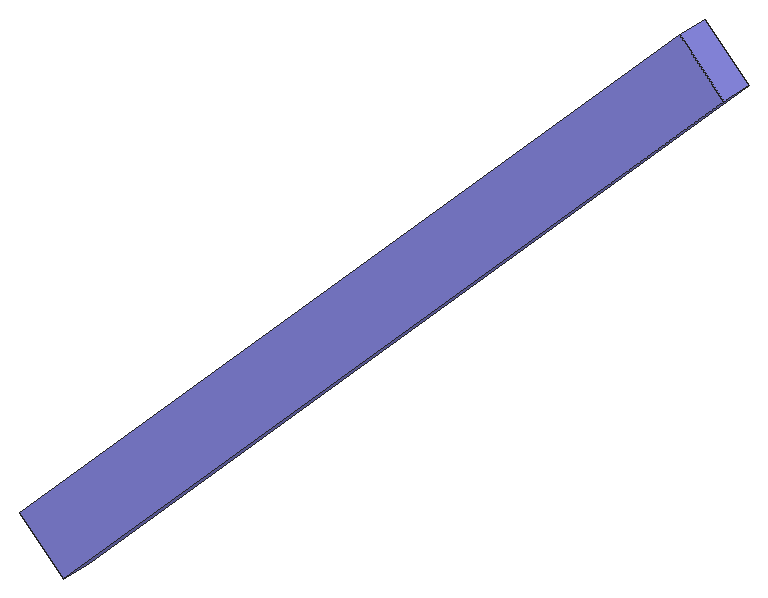
Revit family "配管サポート_H形鋼", category Generic Models, Revit 2020
Family settings
  Can host rebar = No
  Round Connector Dimension = Use Diameter
  Part Type = Normal
  Work Plane-Based = Yes
  Always vertical = No
  Cut with Voids When Loaded = No
  Shared = No
  Room Calculation Point = No
Parameters (values of type "Ｈ 100 x 50")
  高さ = 100 mm
  長辺 [instance] = 長さ  # 1500 mm
  長さ [instance] = 1500 mm
  部屋名 = ""
  角度 [instance] = 45.00°
  Default Elevation = 1219.2 mm
  構造マテリアル = E102_配管サポート
  幅 = 50 mm
Types (33, lengths in mm): name | 高さ | 長辺 | 長さ | 角度 | 幅
  Ｈ 900 x 300 | 900 | 1000 | 1000 | 45.00° | 300
  Ｈ 800 x 300 | 800 | 1000 | 1000 | 45.00° | 300
  Ｈ 700 x 300 | 700 | 1000 | 1000 | 45.00° | 300
  Ｈ 588 x 300 | 588 | 1000 | 1000 | 45.00° | 300
  Ｈ 600 x 200 | 600 | 1000 | 1000 | 45.00° | 200
  Ｈ 488 x 300 | 488 | 1000 | 1000 | 45.00° | 300
  Ｈ 500 x 200 | 500 | 1000 | 1000 | 45.00° | 200
  Ｈ 440 x 300 | 440 | 1000 | 1000 | 45.00° | 300
  Ｈ 450 x 200 | 450 | 1000 | 1000 | 90.00° | 200
  Ｈ 400 x 400 | 400 | 1000 | 1000 | 45.00° | 400
  Ｈ 390 x 300 | 390 | 1000 | 1000 | 45.00° | 300
  Ｈ 400 x 200 | 400 | 1000 | 1000 | 45.00° | 200
  Ｈ 350 x 350 | 350 | 1000 | 1000 | 45.00° | 350
  Ｈ 340 x 250 | 340 | 1000 | 1000 | 45.00° | 250
  Ｈ 294 x 200 | 294 | 1000 | 1000 | 45.00° | 200
  Ｈ 244 x 175 | 244 | 1000 | 1000 | 45.00° | 175
  Ｈ 350 x 175 | 350 | 1000 | 1000 | 45.00° | 175
  Ｈ 300 x 300 | 300 | 1000 | 1000 | 45.00° | 300
  Ｈ 300 x 150 | 300 | 1000 | 1000 | 45.00° | 150
  Ｈ 250 x 250 | 250 | 1000 | 1000 | 45.00° | 250
  Ｈ 250 x 125 | 250 | 1000 | 1000 | 45.00° | 125
  Ｈ 200 x 200 | 200 | 1000 | 1000 | 45.00° | 200
  Ｈ 194 x 150 | 194 | 1000 | 1000 | 45.00° | 150
  Ｈ 200 x 100 | 200 | 1000 | 1000 | 45.00° | 100
  Ｈ 175 x 175 | 175 | 1000 | 1000 | 45.00° | 175
  Ｈ 175 x 90 | 175 | 1000 | 1000 | 45.00° | 90
  Ｈ 150 x 150 | 150 | 500 | 500 | 45.00° | 150
  Ｈ 148 x 100 | 148 | 1000 | 1000 | 45.00° | 100
  Ｈ 150 x 75 | 150 | 1000 | 1000 | 45.00° | 75
  Ｈ 125 x 125 | 125 | 500 | 500 | 45.00° | 125
  Ｈ 125 x 60 | 125 | 1000 | 1000 | 45.00° | 60
  Ｈ 100 x100 | 100 | 500 | 500 | 45.00° | 100
  Ｈ 100 x 50 | 100 | 1500 | 1500 | 45.00° | 50
Reference planes
  plane 1 "中心(正面/背面)": y = 0
  plane 2: z = 0
  plane 3 "中心(左/右)": x = 0
Lines and regions (mm)
  reference lines
    curve 1: line (0, 0, 0) -> (777.817, 0, 777.817)
    curve 2: line (35.355, 0, -35.355) -> (-35.355, 0, 35.355)
    curve 3: line (1096.016, 0, 1025.305) -> (1025.305, 0, 1096.016)
Dimensions and locks
  equal spacing: curve 2, curve 1, curve 2
  "高さ": curve 2 to curve 2
  equal spacing: curve 3, curve 1, curve 3
  "高さ": curve 3 to curve 3
  "長さ": curve 3 to curve 2
  "角度": angle level to curve 1
  angle curve 2 to curve 1 = 90.00°
  angle curve 3 to curve 1 = 90.00°
  aligned and locked: level to plane 2
  aligned and locked: level to curve 1
  aligned and locked: plane 3 "中心(左/右)" to curve 1
  aligned and locked: nested 1 to curve 1
Nested families
  nested 1: "グレーチング_H形鋼 1" at (-35.355, 0, 35.355) x (0, 1, 0) z (0.7071, 0, -0.7071), 長さ <- "長さ", type "Ｈ 100 x 50"
    with 長辺 1500 mm, 長さ 1500 mm
Definition of nested family "グレーチング_H形鋼 1"
  Parameters (values of type "Ｈ 150 x 150")
    高さ = 150 mm
    長辺 [instance] = 長さ  # 500 mm
    長さ [instance] = 500 mm
    部屋名 = ""
    Default Elevation = 1219.2 mm
    構造マテリアル = none
    幅 = 150 mm
  Types (33, lengths in mm): name | 高さ | 長辺 | 長さ | 幅
    Ｈ 900 x 300 | 900 | 1000 | 1000 | 300
    Ｈ 800 x 300 | 800 | 1000 | 1000 | 300
    Ｈ 700 x 300 | 700 | 1000 | 1000 | 300
    Ｈ 588 x 300 | 588 | 1000 | 1000 | 300
    Ｈ 600 x 200 | 600 | 1000 | 1000 | 200
    Ｈ 488 x 300 | 488 | 1000 | 1000 | 300
    Ｈ 500 x 200 | 500 | 1000 | 1000 | 200
    Ｈ 440 x 300 | 440 | 1000 | 1000 | 300
    Ｈ 450 x 200 | 450 | 1000 | 1000 | 200
    Ｈ 400 x 400 | 400 | 1000 | 1000 | 400
    Ｈ 390 x 300 | 390 | 1000 | 1000 | 300
    Ｈ 400 x 200 | 400 | 1000 | 1000 | 200
    Ｈ 350 x 350 | 350 | 1000 | 1000 | 350
    Ｈ 340 x 250 | 340 | 1000 | 1000 | 250
    Ｈ 294 x 200 | 294 | 1000 | 1000 | 200
    Ｈ 244 x 175 | 244 | 1000 | 1000 | 175
    Ｈ 350 x 175 | 350 | 1000 | 1000 | 175
    Ｈ 300 x 300 | 300 | 1000 | 1000 | 300
    Ｈ 300 x 150 | 300 | 500 | 500 | 150
    Ｈ 250 x 250 | 250 | 500 | 500 | 250
    Ｈ 250 x 125 | 250 | 500 | 500 | 125
    Ｈ 200 x 200 | 200 | 500 | 500 | 200
    Ｈ 194 x 150 | 194 | 500 | 500 | 150
    Ｈ 200 x 100 | 200 | 500 | 500 | 100
    Ｈ 175 x 175 | 175 | 500 | 500 | 175
    Ｈ 175 x 90 | 175 | 500 | 500 | 90
    Ｈ 150 x 150 | 150 | 500 | 500 | 150
    Ｈ 148 x 100 | 148 | 500 | 500 | 100
    Ｈ 150 x 75 | 150 | 500 | 500 | 75
    Ｈ 125 x 125 | 125 | 500 | 500 | 125
    Ｈ 125 x 60 | 125 | 500 | 500 | 60
    Ｈ 100 x100 | 100 | 500 | 500 | 100
    Ｈ 100 x 50 | 100 | 500 | 500 | 50
  Reference planes
    plane 1 "中心(正面/背面)": y = 0
    plane 2: z = 0
    plane 3 "中心(左/右)": x = 0
    plane 4: z = 75
    plane 5: z = 150
  Forms (mm)
    Extrusion 1, solid, material <- "構造マテリアル"
      sketch origin (0, 0, 0) x (1, 0, 0) y (0, 1, 0)
        loop
          line (-75, 500) -> (-75, 0) -> (75, 0) -> (75, 500) -> (-75, 500)
      from 0 to 150
  Lines and regions (mm)
    reference lines
      curve 1: line (75, 500, 0) -> (-75, 500, 0)
      curve 2: line (75, 0, 0) -> (-75, 0, 0)
  Dimensions and locks
    "長さ": curve 1 to curve 2
    "幅": Extrusion 1 to Extrusion 1
    equal spacing: Extrusion 1, plane 3 "中心(左/右)", Extrusion 1
    "幅": curve 1 to curve 1
    equal spacing: curve 1, plane 3 "中心(左/右)", curve 1
    "幅": curve 2 to curve 2
    equal spacing: curve 2, plane 3 "中心(左/右)", curve 2
    equal spacing: plane 5, plane 4, level
    "高さ": plane 5 to level
    aligned and locked: level to plane 2
    aligned and locked: Extrusion 1 to curve 2
    aligned and locked: curve 1 to Extrusion 1
    aligned and locked: plane 5 to Extrusion 1
  Automatic sketch dimensions
    Extrusion 1 sketch curve to plane 3 "中心(左/右)" = 75 mm
    plane 3 "中心(左/右)" to Extrusion 1 sketch curve = 75 mm
    plane 1 "中心(正面/背面)" to Extrusion 1 sketch curve = 0 mm
    Extrusion 1 sketch curve to plane 1 "中心(正面/背面)" = 500 mm
    plane 1 "中心(正面/背面)" to curve 2 = 0 mm
